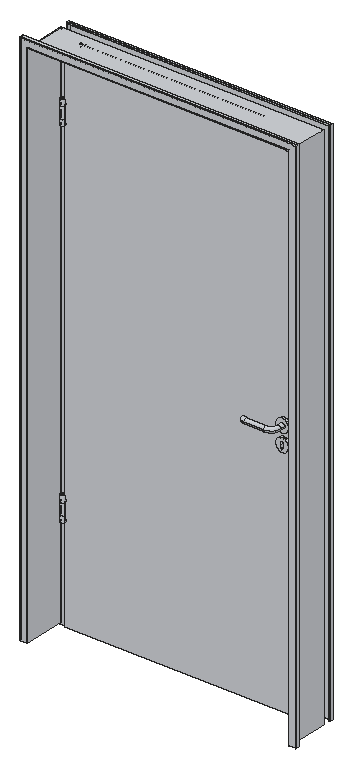
Revit family "BOS-Leibungszarge-Planar-TUud-STW_Familie", category Türen, Revit 2017 (continued)
Definition of nested family "BOS-Sonder-Bügelanker-Leibungszarge-(Planar-V1-V2)_Detail"
  Parameters (values of type "BOS-Sonder-Bügelanker-Leibungszarge-(Planar-V1-V2)_Detail")
    Beplankungsabstand vorne 2 = 7 mm
    Beplankungsabstand vorne 1 = 7 mm
    Beplankungsabstand hinten 2 = Falzaufschlag + 7 mm  # 22 mm
    Beplankungsabstand hinten 1 = if(Leibungszarge Planar, Spiegel hinten + Acrylfugenbreite, Falzaufschlag + 7 mm)  # 35 mm
    BOS-Architekten-Beratung = "Tel.: +49 (0) 2572 203-203; E-Mail: architekten@BestOfSteel.de"
    Ankerreferenz = Spiegel innen - if(Variante 1, 0 mm, Falzaufschlag gesamt)  # 45 mm
    Ankerblechstärke = 3 mm
    Technische Infos rund um die Stahlzarge = "www.BestOfSteel.de/tools-downloads/technische-infos-rund-um-die-stahlzarge/"
    Manufacturer = "BOS GmbH BestOfSteel, Lütkenfelde 4, D-48282 Emsdetten"
    Zargenblechstärke = 1.5 mm
    Description = "Sonder-Bügelanker Leibungszarge (Planar, Variante 1 oder 2) für Ständerwerk"
    Keynote = "BOS Detail"
    Acrylfugenbreite = 5 mm
  Reference planes
    plane 1: y = -142.5
    plane 2: z = 0
    plane 3: x = 7.5
    plane 4: x = 81
    plane 5: y = 30
    plane 6: y = 57.5
    plane 7: y = -2
    plane 8: y = -115
    plane 9: x = 33
    plane 10: x = 36
    plane 11: x = 37.5
    plane 12: y = -12
    plane 13: x = 78
    plane 14: y = -117.5
    plane 15: y = -130
    plane 16: x = -72.5
    plane 17: y = 57.5
    plane 18: y = 45
    plane 19: y = 32.5
    plane 20: x = 30.5
    plane 21: x = 30.5
    plane 22: x = -42.5
    plane 23: x = 75.5
    plane 24: x = 62.5
    plane 25: y = 34.5
    plane 26: x = 97.5
    plane 27: x = 96
    plane 28: x = 82.5
  Lines and regions (mm)
    detail lines, in view "Ref.-Ebene"
      curve 1: line (33, -2, 0) -> (81, -2, 0)
      curve 2: line (81, -2, 0) -> (81, 30, 0)
      curve 3: line (78, 30, 0) -> (78, -2, 0)
      curve 4: line (36, -115, 0) -> (36, -2, 0)
      curve 5: line (33, -2, 0) -> (33, -115, 0)
      curve 6: line (36, -115, 0) -> (33, -115, 0)
      curve 7: line (7.5, 30, 0) -> (7.5, -115, 0)
      curve 8: line (7.5, 30, 0) -> (81, 30, 0)
      curve 9: line (7.5, -115, 0) -> (36, -115, 0)
      curve 10: line (-72.5, -117.5, 0) -> (30.5, -117.5, 0)
      curve 11: line (-72.5, -130, 0) -> (30.5, -130, 0)
      curve 12: line (30.5, -142.5, 0) -> (-72.5, -142.5, 0)
      curve 13: line (-72.5, 57.5, 0) -> (62.5, 57.5, 0)
      curve 14: line (62.5, 57.5, 0) -> (62.5, 45, 0)
      curve 15: line (-72.5, 45, 0) -> (62.5, 45, 0)
      curve 16: line (75.5, 32.5, 0) -> (-72.5, 32.5, 0)
      curve 17: line (-72.5, 45, 0) -> (75.5, 45, 0)
      curve 18: line (-72.5, -130, 0) -> (30.5, -130, 0)
      curve 19: arc (7.5, 27.5, 0) -> (6.036, 31.036, 0) -> (2.5, 32.5, 0) r 5
      curve 20: arc (2.5, -117.5, 0) -> (6.036, -116.036, 0) -> (7.5, -112.5, 0) r 5
      curve 21: arc (5.5, 27.5, 0) -> (4.621, 29.621, 0) -> (2.5, 30.5, 0) r 3
      curve 22: arc (2.5, -115.5, 0) -> (4.621, -114.621, 0) -> (5.5, -112.5, 0) r 3
      curve 23: line (-42.5, 32.5, 0) -> (-42.5, 30.5, 0)
      curve 24: line (-42.5, 30.5, 0) -> (2.5, 30.5, 0)
      curve 25: line (2.5, -115.5, 0) -> (-42.5, -115.5, 0)
      curve 26: line (-42.5, -115.5, 0) -> (-42.5, -117.5, 0)
      curve 27: line (5.5, 27.5, 0) -> (5.5, -112.5, 0)
      curve 28: line (-42.5, 32.5, 0) -> (2.5, 32.5, 0)
      curve 29: line (2.5, -117.5, 0) -> (-42.5, -117.5, 0)
      curve 30: line (30.5, -130, 0) -> (30.5, -142.5, 0)
      curve 31: line (75.5, 32.5, 0) -> (75.5, 45, 0)
      curve 32: line (7.5, 27.5, 0) -> (7.5, -112.5, 0)
      curve 33: line (30.5, -117.5, 0) -> (30.5, -130, 0)
    reference lines, in view "Ref.-Ebene"
      curve 34: line (62.5, 47.5, 0) -> (62.5, 57.5, 0)
      curve 36: line (67.5, 47.5, 0) -> (67.5, 55, 0)
      curve 37: arc (62.5, 47.5, 0) -> (65, 47.261, 0) -> (67.5, 47.5, 0) r 13.205
      curve 38: arc (62.5, 57.5, 0) -> (65.241, 56.787, 0) -> (68.066, 56.584, 0) r 15.539
      curve 39: arc (68.066, 56.584, 0) -> (67.646, 55.841, 0) -> (67.5, 55, 0) r 2.5
    reference lines, in view "Ref.-Ebene", not visible
      curve 35: line (199.076, 139.468, 0) -> (199.076, 149.468, 0)
      curve 40: line (204.076, 139.468, 0) -> (204.076, 146.968, 0)
      curve 41: arc (199.076, 139.468, 0) -> (201.576, 139.229, 0) -> (204.076, 139.468, 0) r 13.205
      curve 42: arc (199.076, 149.468, 0) -> (201.817, 148.756, 0) -> (204.642, 148.553, 0) r 15.539
      curve 43: arc (204.642, 148.553, 0) -> (204.222, 147.809, 0) -> (204.076, 146.968, 0) r 2.5
  Dimensions and locks
    "Zargenblechstärke": plane 10 to plane 11
    "Ankerblechstärke": plane 13 to plane 4
    "Ankerblechstärke": plane 9 to plane 10
    "Profilverschiebung": plane 3 to plane 11
    equal spacing: plane 1, plane 15, plane 14
    "Beplankungsstärke": plane 1 to plane 14
    plane 16 to plane 3 = 80 mm
    equal spacing: plane 17, plane 18, plane 19
    "Beplankungsstärke": plane 17 to plane 19
    "Beplankungsabstand vorne 1": plane 21 to plane 11
    "Beplankungsabstand vorne 2": plane 20 to plane 11
    plane 22 to plane 3 = 50 mm
    "Beplankungsabstand hinten 1": plane 24 to plane 26
    "Beplankungsabstand hinten 2": plane 23 to plane 26
    "Wandstärke": plane 1 to plane 17
    "Überstand hinten": plane 6 to plane 17
    plane 8 to plane 14 = 2.5 mm
    plane 19 to plane 5 = 2.5 mm
    "Putzwinkel innen": plane 7 to plane 12
    "Leibungstiefe": plane 6 to plane 25
    "Falztiefe gesamt": plane 12 to plane 25
    "Beplankungsreferenz": plane 11 to plane 26
    "Zargenblechstärke": plane 27 to plane 26
    "Zargenblechstärke": plane 4 to plane 28
    "Ankerreferenz": plane 11 to plane 28
    radius of curve 20 = 5 mm
    radius of curve 19 = 5 mm
    radius of curve 21 = 3 mm
    radius of curve 22 = 3 mm
    aligned and locked: plane 24 to curve 14
    aligned and locked: curve 34 to plane 24
    aligned and locked: plane 17 to curve 38
  Automatic sketch dimensions
    curve 19 to curve 21 = 0 mm  (x4)
    curve 20 to curve 22 = 0 mm  (x3)
    curve 28 to curve 25 = 148 mm
    curve 23 to curve 31 = 118.66 mm
    curve 16 to curve 21 = 73.171 mm
    curve 25 to curve 25 = 45 mm
    curve 20 to curve 27 = 3 mm
    curve 22 to curve 32 = 2 mm
    curve 19 to curve 8 = 2.5 mm
    curve 32 to curve 10 = 23.537 mm
    curve 11 to curve 18 = 0 mm
    curve 32 to curve 14 = 57.717 mm  (x2)
    curve 1 to curve 2 = 57.689 mm
    curve 12 to curve 33 = 12.5 mm
    curve 30 to curve 18 = 0 mm
    curve 11 to curve 29 = 32.5 mm
    curve 33 to curve 32 = 23.537 mm
    curve 10 to curve 9 = 6.042 mm
    curve 4 to curve 2 = 121.631 mm
    curve 1 to curve 2 = 32 mm
    curve 7 to curve 21 = 5.59 mm
    curve 19 to curve 31 = 73 mm
    curve 16 to curve 17 = 12.5 mm
    curve 14 to curve 13 = 12.5 mm
    curve 10 to curve 26 = 30 mm
    curve 11 to curve 10 = 12.5 mm
    curve 12 to curve 11 = 12.5 mm
    curve 13 to curve 23 = 39.051 mm
    curve 15 to curve 13 = 12.5 mm
    curve 16 to curve 15 = 12.5 mm
    curve 17 to curve 15 = 0 mm
    curve 18 to curve 11 = 0 mm
    curve 3 to curve 2 = 3 mm
    curve 13 to plane 16 = 0 mm
    curve 15 to plane 16 = 0 mm
    plane 1 to curve 12 = 0 mm
    curve 12 to plane 16 = 0 mm
    curve 17 to plane 16 = 0 mm
    plane 15 to curve 11 = 0 mm
    curve 11 to plane 16 = 0 mm
    plane 15 to curve 18 = 0 mm
    curve 18 to plane 16 = 0 mm
    plane 14 to curve 10 = 0 mm
    curve 10 to plane 16 = 0 mm
    curve 16 to plane 16 = 0 mm
    curve 26 to plane 22 = 0 mm
    curve 28 to plane 19 = 0 mm
    curve 28 to plane 22 = 0 mm
    plane 14 to curve 29 = 0 mm
    curve 7 to plane 3 = 0 mm
    curve 32 to plane 3 = 0 mm
    curve 10 to plane 20 = 0 mm
    curve 30 to plane 20 = 0 mm
    curve 5 to plane 7 = 0 mm
    curve 5 to plane 9 = 0 mm
    curve 4 to plane 10 = 0 mm
    curve 17 to plane 18 = 0 mm
    curve 17 to plane 23 = 0 mm
    curve 3 to plane 13 = 0 mm
    curve 2 to plane 4 = 0 mm
    plane 18 to curve 14 = 0 mm
    curve 9 to plane 8 = 0 mm
    curve 7 to plane 5 = 0 mm
    curve 16 to plane 19 = 0 mm
    plane 17 to curve 13 = 0 mm
    curve 34 to curve 37 = 2.5 mm
    curve 34 to curve 36 = 5 mm
    curve 37 to curve 38 = 2.764 mm
    curve 36 to curve 39 = 2.5 mm
    curve 36 to curve 39 = 7.5 mm
    curve 39 to curve 34 = 2.5 mm
    curve 34 to curve 37 = 2.966 mm
    curve 36 to curve 39 = 0.566 mm
    curve 35 to curve 41 = 2.5 mm
    curve 35 to curve 40 = 5 mm
    curve 41 to curve 42 = 2.764 mm
    curve 40 to curve 43 = 2.5 mm
    curve 40 to curve 43 = 7.5 mm
    curve 43 to curve 35 = 2.5 mm
    curve 35 to curve 41 = 2.966 mm
    curve 40 to curve 43 = 0.566 mm
Types (3, lengths in mm): name | Türblattabstand 1 | Türblattversatz  horizontal | Theoretisches Rohbaumaß Breite   Theoretical Wall Opening Width Measurement | Drehpunktposition vertikal | Drehpunktposition horizontal | Drehpunktabstand (SP) vertikal | Drehpunktabstand (FM) horizontal | VX Bänder | Stumpf | VX Bänder DIN links | Spiegel innen min. | Gefälzt | Türblattstärke 2 | Türblattstärke 1 | Türblattversatz vertikal | Tectus Bänder DIN links | Tectus Bänder | TUud | TUsd (versteckt liegendes Band) | TUsd (Bandrolle sichtbar) | Modell | LDB Lichte Durchgangs Breite   Clearance Width | Falztiefe gesamt | Falztiefe | FMB Falzmaß_Breite   Rebate Width Measurement | FMB Falzmaß Breite | Bänder - Auswahl | Beschreibung
  TUud | 1.5 | 11.5 | 1116 | 164 | 1562 | 12.5 | 21 | yes | no | yes | 40 | yes | 25.5 | 14.5 | -3.5 | no | no | yes | no | no | "TUud" | 936 | 28.5 | 28.5 | 966 | 966 | "3D Bänder gefälzt, Bandaufnahmen BVX11000" | "Leibungszarge Planar für Ständerwerk Variante 1, gefälzt"
  TUsd (Bandrolle sichtbar) | -2 | 6 | 1491 | 183 | 1918.5 | 13.5 | 2.5 | yes | yes | yes | 40 | no | 40 | 0 | 15.5 | no | no | no | no | yes | "TUsd" | 1311 | 46.5 | 46.5 | 1500 | 1341 | "3D Bänder stumpf, Bandaufnahmen BVX11000" | "Leibungszarge Planar für Ständerwerk Variante 1, stumpf (Bandrolle sichtbar)"
  TUsd (verdeckt liegendes Band) | -2 | 6 | 1491 | 183 | 1918.5 | 13.5 | 2.5 | no | yes | no | 45 | no | 40 | 0 | 15.5 | yes | yes | no | yes | no | "TUsd" | 1311 | 46.5 | 46.5 | 1500 | 1341 | "Tectus 3D Bänder, Bandaufnahmenn für Tectus Bänder" | "Leibungszarge Planar für Ständerwerk Variante 1, stumpf (verdeckt liegendes Band)"
